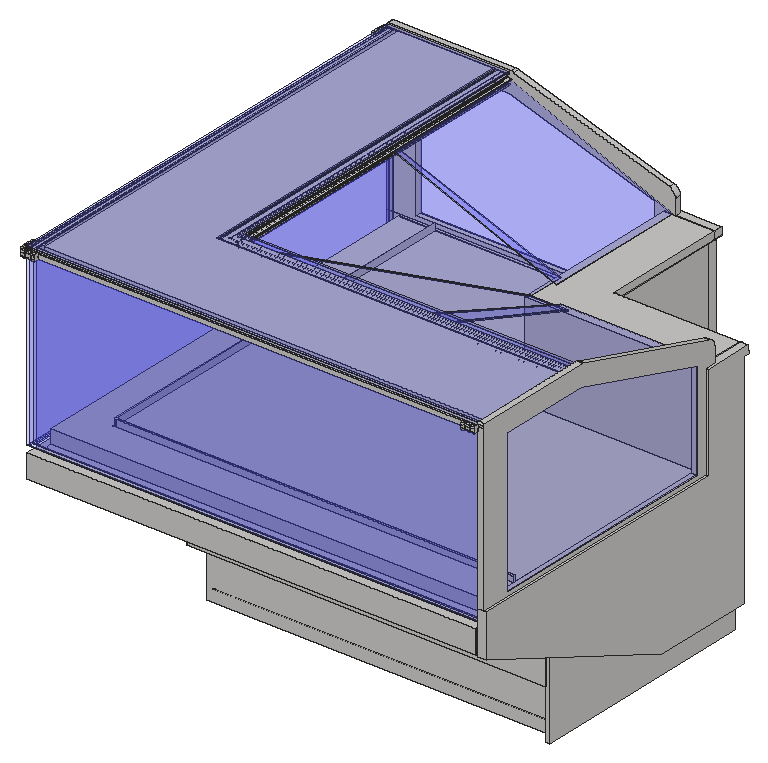
Revit family "QF_OSCARTEK_LA_CROSSE_DPA90_cat", category Specialty Equipment, Revit 2026
Family settings
  Round Connector Dimension = Use Diameter
  Part Type = Normal
  Work Plane-Based = No
  Enable Cutting in Views = No
  Always vertical = Yes
  Cut with Voids When Loaded = No
  Maintain Annotation Orientation = No
  Shared = No
  Room Calculation Point = No
Parameters
  Weight in Pounds = 749
  Watts = 1050 W
  Waste Water Discharge Temperature = -459.67 °F
  Volts = 208 V
  URL Cutsheet = ""
  Specification by User = ""
  Specification by Manufacturer = ""
  Show Panels [instance] = yes
  Show Clearance [instance] = yes
  Serial Number = ""
  Seismic Rating = ""
  SMACNA No = ""
  Revision Code = ""
  Refrigerant Volume = 0.00 kip
  Refrigerant Type = "R404A"
  Phase = 1
  Number of Poles = 1
  NAFEM Spec ID Number = ""
  Model = "LA CROSSE PDP90"
  Min Ckt Ampacity = 0 A
  Max Overcurrent Protection = 0 A
  Masterspec = ""
  Manufacturer = "OSCARTEK"
  Length = 64"
  Item Number = ""
  Installed By = ""
  Indirect Waste Size = 1/4"
  Indirect Waste Flow = 0 GPM
  Indirect Waste Connection Type = ""
  Indirect Waste Connection Height = 0"
  Identify Quantity as Lot = yes
  Height = 45 1/4"
  HP = ""
  Furnished By = ""
  Foodservice Equipment Identifier = yes
  FL Amps = 6 A
  Electrical Remarks = ""
  Electric Connection Type = ""
  Elec Conn RI Height = 0"
  Elec Conn Connection Height = 0"
  Description = "LA CROSSE DELI/PASTRY"
  Depth = 64"
  Default Elevation = 0"
  Cycle = 60 Hz
  Conn Plug = ""
  Conn Conduit = yes
  CSI MasterFormat = ""
  BTUH = 5200.0 Btu/h
  Apparent Power = 0 VA
Reference planes
  plane 1 "BACK": y = 0
  plane 2: z = 0
  plane 3 "LEFT": x = 0
  plane 4 "RIGHT": x = 1625.6
  plane 5 "FRONT": y = -1625.6
  plane 6 "TOP": z = 1149.35
  plane 7 "Center Y": x = 812.8
  plane 8 "Center X": y = -812.8
  plane 9: x = 1152.525
  plane 10: y = -473.075
Forms (mm)
  Extrusion 1, solid, material "QF_Metal - Stainless - Polished", not visible
    sketch origin (1216.025, -1701.823, 35.98) x (0, 0, 1) y (1, 0, 0)
      loop
        line (264.578, -978.937) -> (287.678, -978.937) -> (287.678, -926.051) -> (264.578, -926.051) -> (264.578, -978.937)
      loop
        line (287.678, -1029.024) -> (277.626, -1029.024) -> (277.626, -1042.42) -> (287.678, -1042.42) -> (287.678, -1029.024)
      loop
        line (287.678, -1013.528) -> (277.626, -1013.528) -> (277.626, -1026.924) -> (287.678, -1026.924) -> (287.678, -1013.528)
      loop
        line (287.678, -998.032) -> (277.626, -998.032) -> (277.626, -1011.428) -> (287.678, -1011.428) -> (287.678, -998.032)
      loop
        line (287.678, -982.536) -> (277.626, -982.536) -> (277.626, -995.932) -> (287.678, -995.932) -> (287.678, -982.536)
      loop
        line (274.629, -1029.024) -> (264.578, -1029.024) -> (264.578, -1042.42) -> (274.629, -1042.42) -> (274.629, -1029.024)
      loop
        line (274.629, -1013.528) -> (264.578, -1013.528) -> (264.578, -1026.924) -> (274.629, -1026.924) -> (274.629, -1013.528)
      loop
        line (274.629, -998.032) -> (264.578, -998.032) -> (264.578, -1011.428) -> (274.629, -1011.428) -> (274.629, -998.032)
      loop
        line (274.629, -982.536) -> (264.578, -982.536) -> (264.578, -995.932) -> (274.629, -995.932) -> (274.629, -982.536)
    from 0 to 3.175
  Extrusion 2, solid, material "QF_Metal - Stainless - Polished", not visible
    sketch origin (1161.181, 0, 0) x (0, 1, 0) y (0, 0, -1)
      loop
        line (-1152.525, -1121.767) -> (-1165.362, -1121.767)
        arc (-1165.362, -1121.767) -> (-1166.717, -1122.329) -> (-1167.279, -1123.684) r 1.917
        line (-1167.279, -1123.684) -> (-1167.279, -1137.357)
        arc (-1167.279, -1137.357) -> (-1166.86, -1139.156) -> (-1165.692, -1140.586) r 4.077
        arc (-1165.692, -1140.586) -> (-1162.665, -1142.211) -> (-1159.277, -1142.772) r 10.503
        line (-1159.277, -1142.772) -> (-1152.525, -1142.772) -> (-1152.525, -1121.767)
      loop
        circle (-1159.277, -1132.27) r 3.501
    from 21.855 to 35.579
  Extrusion 3, solid, material "QF_Metal - Stainless - Polished", not visible
    sketch origin (1146.441, 0, 0) x (0, 1, 0) y (0, 0, -1)
      loop
        line (-1152.525, -1121.767) -> (-1165.362, -1121.767)
        arc (-1165.362, -1121.767) -> (-1166.717, -1122.329) -> (-1167.279, -1123.684) r 1.917
        line (-1167.279, -1123.684) -> (-1167.279, -1137.357)
        arc (-1167.279, -1137.357) -> (-1166.86, -1139.156) -> (-1165.692, -1140.586) r 4.077
        arc (-1165.692, -1140.586) -> (-1162.665, -1142.211) -> (-1159.277, -1142.772) r 10.503
        line (-1159.277, -1142.772) -> (-1152.525, -1142.772) -> (-1152.525, -1121.767)
      loop
        circle (-1159.277, -1132.27) r 3.501
    from 21.855 to 40.153
  Extrusion 4, solid, material "QF_Metal - Stainless - Polished", not visible
    sketch origin (1069.693, 0, 0) x (0, 1, 0) y (0, 0, 1)
      loop
        line (-1152.525, 1121.767) -> (-1152.525, 1142.772) -> (-1159.277, 1142.772)
        arc (-1159.277, 1142.772) -> (-1162.665, 1142.211) -> (-1165.692, 1140.586) r 10.503
        arc (-1165.692, 1140.586) -> (-1166.86, 1139.156) -> (-1167.279, 1137.357) r 4.077
        line (-1167.279, 1137.357) -> (-1167.279, 1123.684)
        arc (-1167.279, 1123.684) -> (-1166.717, 1122.329) -> (-1165.362, 1121.767) r 1.917
        line (-1165.362, 1121.767) -> (-1152.525, 1121.767)
      loop
        circle (-1159.277, 1132.27) r 3.501
    from 21.855 to 35.579
  Extrusion 5, solid, material "QF_Metal - Stainless - Polished"
    sketch origin (1625.6, -473.075, 0) x (0, -1, 0) y (0, 0, 1)
      loop
        line (722.627, 1081.358) -> (212.829, 924.39)
        arc (212.829, 924.39) -> (210.278, 922.581) -> (209.3, 919.611) r 5.001
        line (209.3, 919.611) -> (209.3, 577.457) -> (1051.751, 577.457) -> (1051.751, 1081.358) -> (722.627, 1081.358)
      loop
        line (137.533, 953.603) -> (137.533, 900.113) -> (174.625, 900.113) -> (174.625, 565.139) -> (1152.525, 565.139) -> (1152.525, 1140.272) -> (1152.525, 1146.719)
        arc (1152.525, 1146.719) -> (1150.824, 1150.824) -> (1146.719, 1152.525) r 5.806
        line (1146.719, 1152.525) -> (714.718, 1152.525)
        arc (714.718, 1152.525) -> (709.934, 1152.167) -> (705.257, 1151.101) r 32.151
        line (705.257, 1151.101) -> (159.224, 982.977)
        arc (159.224, 982.977) -> (143.543, 971.86) -> (137.533, 953.603) r 30.735
    from 9.525 to 30.149
  Extrusion 6, solid, material "QF_Metal - Stainless - Polished", visible <- "Show Panels"
    sketch origin (1625.6, -473.075, 0) x (0, -1, 0) y (0, 0, 1)
      loop
        line (174.625, 900.112) -> (0.794, 900.112)
        arc (0.794, 900.112) -> (0.233, 899.88) -> (0, 899.318) r 0.794
        line (0, 899.318) -> (0, 872.711)
        arc (0, 872.711) -> (0.294, 872.002) -> (1.003, 871.708) r 1.003
        line (1.003, 871.708) -> (20.005, 871.708) -> (20.005, 92.046) -> (379.464, 92.046) -> (1152.525, 413.84) -> (1152.525, 565.139) -> (174.625, 565.139) -> (174.625, 900.112)
    from 0 to 30.149
  Extrusion 7, solid, material "Glass"
    sketch origin (1616.075, -473.075, 0) x (0, 1, 0) y (0, 0, 1)
      loop
        line (-1051.751, 1081.358) -> (-1051.751, 577.457) -> (-209.3, 577.457) -> (-209.3, 919.611)
        arc (-209.3, 919.611) -> (-210.278, 922.581) -> (-212.829, 924.39) r 5.001
        line (-212.829, 924.39) -> (-722.627, 1081.358) -> (-1051.751, 1081.358)
    from 0 to -3.175
  Extrusion 8, solid, material "Glass"
    sketch origin (415.925, -473.075, 0) x (0, 1, 0) y (0, 0, 1)
      loop
        line (-146.656, 900.215) -> (-145.212, 903.947) -> (-727.311, 1129.509) -> (-728.676, 1125.746) -> (-146.656, 900.215)
    from 666.763 to 1179.526
  Revolve 9, solid, material "QF_Metal - Stainless - Polished"
    sketch origin (507.206, -473.075, 0) x (0, 1, 0) y (0, 0, 1)
      loop
        line (-783.187, 0) -> (-765.183, 0) -> (-765.183, 50) -> (-769.203, 50) -> (-770.184, 48.6) -> (-771.184, 47.599) -> (-771.184, 37.082)
        spline (-771.184, 37.082) -> (-771.65, 37.047) -> (-772.085, 36.943) -> (-772.458, 36.777) -> (-772.745, 36.561) -> (-772.925, 36.309) -> (-772.986, 36.039) -> (-772.925, 35.769) -> (-772.745, 35.518) -> (-772.458, 35.302) -> (-772.085, 35.136) -> (-771.65, 35.032) -> (-771.184, 34.996)
        line (-771.184, 34.996) -> (-772.184, 34.996) -> (-772.184, 32.196) -> (-770.184, 32.196) -> (-770.184, 10.002) -> (-774.685, 10.002) -> (-774.685, 5.743) -> (-788.72, 5.743) -> (-789.938, 3.001) -> (-783.187, 0)
      axis (-765.183, 50) -> (-765.183, 0)
    angle from 0 to 360
  Revolve 10, solid, material "QF_Metal - Stainless - Polished"
    sketch origin (1534.319, -473.075, 0) x (0, 1, 0) y (0, 0, -1)
      loop
        line (-783.187, 0) -> (-789.938, -3.001) -> (-788.72, -5.743) -> (-774.685, -5.743) -> (-774.685, -10.002) -> (-770.184, -10.002) -> (-770.184, -32.196) -> (-772.184, -32.196) -> (-772.184, -34.996) -> (-771.184, -34.996)
        spline (-771.184, -34.996) -> (-771.65, -35.032) -> (-772.085, -35.136) -> (-772.458, -35.302) -> (-772.745, -35.518) -> (-772.925, -35.769) -> (-772.986, -36.039) -> (-772.925, -36.309) -> (-772.745, -36.561) -> (-772.458, -36.777) -> (-772.085, -36.943) -> (-771.65, -37.047) -> (-771.184, -37.082)
        line (-771.184, -37.082) -> (-771.184, -47.599) -> (-770.184, -48.6) -> (-769.203, -50) -> (-765.183, -50) -> (-765.183, 0) -> (-783.187, 0)
      axis (-765.183, -50) -> (-765.183, 0)
    angle from 0 to 360
  Revolve 11, solid, material "QF_Metal - Stainless - Polished"
    sketch origin (1534.319, 200.49, 0) x (0, 1, 0) y (0, 0, -1)
      loop
        line (-783.187, 0) -> (-789.938, -3.001) -> (-788.72, -5.743) -> (-774.685, -5.743) -> (-774.685, -10.002) -> (-770.184, -10.002) -> (-770.184, -32.196) -> (-772.184, -32.196) -> (-772.184, -34.996) -> (-771.184, -34.996)
        spline (-771.184, -34.996) -> (-771.65, -35.032) -> (-772.085, -35.136) -> (-772.458, -35.302) -> (-772.745, -35.518) -> (-772.925, -35.769) -> (-772.986, -36.039) -> (-772.925, -36.309) -> (-772.745, -36.561) -> (-772.458, -36.777) -> (-772.085, -36.943) -> (-771.65, -37.047) -> (-771.184, -37.082)
        line (-771.184, -37.082) -> (-771.184, -47.599) -> (-770.184, -48.6) -> (-769.203, -50) -> (-765.183, -50) -> (-765.183, 0) -> (-783.187, 0)
      axis (-765.183, -50) -> (-765.183, 0)
    angle from 0 to 360
  Extrusion 12, solid, material "QF_Metal - Stainless - Polished"
    sketch origin (1631.95, -474.671, 0) x (0, 1, 0) y (0, 0, -1)
      loop
        line (-76.218, -144.006) -> (-76.218, -380.805) -> (-69.217, -381.789) -> (-69.217, -145.026)
        arc (-69.217, -145.026) -> (-69.515, -144.305) -> (-70.236, -144.006) r 1.02
        line (-70.236, -144.006) -> (-76.218, -144.006)
    from 789.288 to 1173.176
  Extrusion 13, solid, material "QF_Metal - Stainless - Polished"
    sketch origin (1081.588, -1251.957, 35.98) x (0, 0, 1) y (0, -1, 0)
      loop
        line (264.578, -978.937) -> (287.678, -978.937) -> (287.678, -926.051) -> (264.578, -926.051) -> (264.578, -978.937)
      loop
        line (287.678, -1029.024) -> (277.626, -1029.024) -> (277.626, -1042.42) -> (287.678, -1042.42) -> (287.678, -1029.024)
      loop
        line (287.678, -1013.528) -> (277.626, -1013.528) -> (277.626, -1026.924) -> (287.678, -1026.924) -> (287.678, -1013.528)
      loop
        line (287.678, -998.032) -> (277.626, -998.032) -> (277.626, -1011.428) -> (287.678, -1011.428) -> (287.678, -998.032)
      loop
        line (287.678, -982.536) -> (277.626, -982.536) -> (277.626, -995.932) -> (287.678, -995.932) -> (287.678, -982.536)
      loop
        line (274.629, -1029.024) -> (264.578, -1029.024) -> (264.578, -1042.42) -> (274.629, -1042.42) -> (274.629, -1029.024)
      loop
        line (274.629, -1013.528) -> (264.578, -1013.528) -> (264.578, -1026.924) -> (274.629, -1026.924) -> (274.629, -1013.528)
      loop
        line (274.629, -998.032) -> (264.578, -998.032) -> (264.578, -1011.428) -> (274.629, -1011.428) -> (274.629, -998.032)
      loop
        line (274.629, -982.536) -> (264.578, -982.536) -> (264.578, -995.932) -> (274.629, -995.932) -> (274.629, -982.536)
    from 0 to 3.175
  Extrusion 14, solid, material "QF_Metal - Stainless - Polished"
    sketch origin (1617.306, -473.075, 0) x (0, 1, 0) y (0, 0, -1)
      loop
        line (-1152.525, -1121.767) -> (-1165.362, -1121.767)
        arc (-1165.362, -1121.767) -> (-1166.717, -1122.329) -> (-1167.279, -1123.684) r 1.917
        line (-1167.279, -1123.684) -> (-1167.279, -1137.357)
        arc (-1167.279, -1137.357) -> (-1166.86, -1139.156) -> (-1165.692, -1140.586) r 4.077
        arc (-1165.692, -1140.586) -> (-1162.665, -1142.211) -> (-1159.277, -1142.772) r 10.503
        line (-1159.277, -1142.772) -> (-1152.525, -1142.772) -> (-1152.525, -1121.767)
      loop
        circle (-1159.277, -1132.27) r 3.501
    from 21.855 to 35.579
  Extrusion 15, solid, material "QF_Metal - Stainless - Polished"
    sketch origin (1602.566, -473.075, 0) x (0, 1, 0) y (0, 0, -1)
      loop
        line (-1152.525, -1121.767) -> (-1165.362, -1121.767)
        arc (-1165.362, -1121.767) -> (-1166.717, -1122.329) -> (-1167.279, -1123.684) r 1.917
        line (-1167.279, -1123.684) -> (-1167.279, -1137.357)
        arc (-1167.279, -1137.357) -> (-1166.86, -1139.156) -> (-1165.692, -1140.586) r 4.077
        arc (-1165.692, -1140.586) -> (-1162.665, -1142.211) -> (-1159.277, -1142.772) r 10.503
        line (-1159.277, -1142.772) -> (-1152.525, -1142.772) -> (-1152.525, -1121.767)
      loop
        circle (-1159.277, -1132.27) r 3.501
    from 21.855 to 40.153
  Extrusion 16, solid, material "QF_Metal - Stainless - Polished"
    sketch origin (1525.818, -473.075, 0) x (0, 1, 0) y (0, 0, 1)
      loop
        line (-1152.525, 1121.767) -> (-1152.525, 1142.772) -> (-1159.277, 1142.772)
        arc (-1159.277, 1142.772) -> (-1162.665, 1142.211) -> (-1165.692, 1140.586) r 10.503
        arc (-1165.692, 1140.586) -> (-1166.86, 1139.156) -> (-1167.279, 1137.357) r 4.077
        line (-1167.279, 1137.357) -> (-1167.279, 1123.684)
        arc (-1167.279, 1123.684) -> (-1166.717, 1122.329) -> (-1165.362, 1121.767) r 1.917
        line (-1165.362, 1121.767) -> (-1152.525, 1121.767)
      loop
        circle (-1159.277, 1132.27) r 3.501
    from 21.855 to 35.579
  Extrusion 17, solid, material "QF_Metal - Stainless - Polished"
    sketch origin (-21.855, -473.075, 0) x (0, 1, 0) y (0, 0, 1)
      loop
        line (-1152.525, 1121.767) -> (-1152.525, 1142.772) -> (-1159.277, 1142.772)
        arc (-1159.277, 1142.772) -> (-1162.665, 1142.211) -> (-1165.692, 1140.586) r 10.503
        arc (-1165.692, 1140.586) -> (-1166.86, 1139.156) -> (-1167.279, 1137.357) r 4.077
        line (-1167.279, 1137.357) -> (-1167.279, 1123.684)
        arc (-1167.279, 1123.684) -> (-1166.717, 1122.329) -> (-1165.362, 1121.767) r 1.917
        line (-1165.362, 1121.767) -> (-1152.525, 1121.767)
      loop
        circle (-1159.277, 1132.27) r 3.501
    from 21.855 to 35.579
  Extrusion 18, solid, material "QF_Metal - Stainless - Polished"
    sketch origin (-7.116, -473.075, 0) x (0, 1, 0) y (0, 0, 1)
      loop
        line (-1152.525, 1121.767) -> (-1152.525, 1142.772) -> (-1159.277, 1142.772)
        arc (-1159.277, 1142.772) -> (-1162.665, 1142.211) -> (-1165.692, 1140.586) r 10.503
        arc (-1165.692, 1140.586) -> (-1166.86, 1139.156) -> (-1167.279, 1137.357) r 4.077
        line (-1167.279, 1137.357) -> (-1167.279, 1123.684)
        arc (-1167.279, 1123.684) -> (-1166.717, 1122.329) -> (-1165.362, 1121.767) r 1.917
        line (-1165.362, 1121.767) -> (-1152.525, 1121.767)
      loop
        circle (-1159.277, 1132.27) r 3.501
    from 21.855 to 40.153
  Extrusion 19, solid, material "QF_Metal - Stainless - Polished"
    sketch origin (69.633, -473.075, 0) x (0, 1, 0) y (0, 0, -1)
      loop
        line (-1152.525, -1121.767) -> (-1165.362, -1121.767)
        arc (-1165.362, -1121.767) -> (-1166.717, -1122.329) -> (-1167.279, -1123.684) r 1.917
        line (-1167.279, -1123.684) -> (-1167.279, -1137.357)
        arc (-1167.279, -1137.357) -> (-1166.86, -1139.156) -> (-1165.692, -1140.586) r 4.077
        arc (-1165.692, -1140.586) -> (-1162.665, -1142.211) -> (-1159.277, -1142.772) r 10.503
        line (-1159.277, -1142.772) -> (-1152.525, -1142.772) -> (-1152.525, -1121.767)
      loop
        circle (-1159.277, -1132.27) r 3.501
    from 21.855 to 35.579
  Extrusion 20, solid, material "QF_Door-Drawer Clearances", visible <- "Show Clearance", detail levels coarse
    sketch origin (415.925, -473.075, 0) x (0, 1, 0) y (0, 0, 1)
      loop
        arc (-1528.456, 1636.883) -> (-1753.47, 936.296) -> (-1147.774, 518.462) r 617.032
        line (-1147.774, 518.462) -> (-1147.774, 1137.771) -> (-1178.974, 1137.771) -> (-1528.456, 1636.883)
    from -415.925 to 1179.526
  Extrusion 21, solid, material "QF_Metal - Stainless - Polished"
    sketch origin (1595.451, -473.075, 0) x (0, -1, 0) y (0, 0, 1)
      loop
        line (1147.274, 411.654) -> (1147.274, 495.3) -> (1114.743, 495.3) -> (1100.673, 519.671) -> (1100.673, 565.139) -> (174.625, 565.139) -> (174.625, 367.181) -> (20.005, 388.938) -> (20.005, 0) -> (835.901, 0) -> (835.901, 282.042) -> (1147.274, 411.654)
    from 0 to 12.7
  Extrusion 22, solid, material "QF_Metal - Stainless - Polished"
    sketch origin (415.925, -583.101, 32.996) x (-1, 0, 0) y (0, 1, 0)
      loop
        circle (-1054.717, -512.012) r 16.496
      loop
        circle (-1115.052, -588.846) r 17.484
      loop
        circle (-1068.743, -588.846) r 15.218
      loop
        circle (-114.953, 428.24) r 16.485
    from 0 to 3.175
  Extrusion 23, solid, material "QF_Metal - Stainless - Polished"
    sketch origin (415.925, -543.887, 143.006) x (0, 0, -1) y (-1, 0, 0)
      loop
        circle (56.491, -234.793) r 6.35
    from 0 to 3.175
  Sweep 24, solid, material "QF_Metal - Stainless - Polished"
    path origin (0, 0, 0) x (1, 0, 0) y (0, 1, 0)
      loop
        line (992.188, -30.162) -> (992.187, -633.288) -> (1595.451, -633.288)
    profile origin (1293.819, -633.288, 0) x (0, 1, 0) y (0, 0, 1)
      loop
        line (-14.412, 900.113) -> (-14.412, 367.181) -> (140.208, 388.938) -> (140.208, 871.708) -> (159.21, 871.708)
        arc (159.21, 871.708) -> (159.919, 872.002) -> (160.213, 872.711) r 1.003
        line (160.213, 872.711) -> (160.213, 899.318)
        arc (160.213, 899.318) -> (159.98, 899.88) -> (159.418, 900.113) r 0.794
        line (159.418, 900.113) -> (-14.412, 900.113)
  Extrusion 25, solid, material "QF_Metal - Stainless - Polished"
    sketch origin (1152.525, -8.294, 0) x (1, 0, 0) y (0, 0, 1)
      loop
        line (-1152.525, 1121.767) -> (-1152.525, 1142.772) -> (-1159.277, 1142.772)
        arc (-1159.277, 1142.772) -> (-1162.665, 1142.211) -> (-1165.692, 1140.586) r 10.503
        arc (-1165.692, 1140.586) -> (-1166.86, 1139.156) -> (-1167.279, 1137.357) r 4.077
        line (-1167.279, 1137.357) -> (-1167.279, 1123.684)
        arc (-1167.279, 1123.684) -> (-1166.717, 1122.329) -> (-1165.362, 1121.767) r 1.917
        line (-1165.362, 1121.767) -> (-1152.525, 1121.767)
      loop
        circle (-1159.277, 1132.27) r 3.501
    from 21.855 to 35.579
  Extrusion 26, solid, material "QF_Metal - Stainless - Polished"
    sketch origin (1152.525, -23.034, 0) x (1, 0, 0) y (0, 0, 1)
      loop
        line (-1152.525, 1121.767) -> (-1152.525, 1142.772) -> (-1159.277, 1142.772)
        arc (-1159.277, 1142.772) -> (-1162.665, 1142.211) -> (-1165.692, 1140.586) r 10.503
        arc (-1165.692, 1140.586) -> (-1166.86, 1139.156) -> (-1167.279, 1137.357) r 4.077
        line (-1167.279, 1137.357) -> (-1167.279, 1123.684)
        arc (-1167.279, 1123.684) -> (-1166.717, 1122.329) -> (-1165.362, 1121.767) r 1.917
        line (-1165.362, 1121.767) -> (-1152.525, 1121.767)
      loop
        circle (-1159.277, 1132.27) r 3.501
    from 21.855 to 40.153
  Extrusion 27, solid, material "QF_Metal - Stainless - Polished"
    sketch origin (1152.525, -99.782, 0) x (1, 0, 0) y (0, 0, -1)
      loop
        line (-1152.525, -1121.767) -> (-1165.362, -1121.767)
        arc (-1165.362, -1121.767) -> (-1166.717, -1122.329) -> (-1167.279, -1123.684) r 1.917
        line (-1167.279, -1123.684) -> (-1167.279, -1137.357)
        arc (-1167.279, -1137.357) -> (-1166.86, -1139.156) -> (-1165.692, -1140.586) r 4.077
        arc (-1165.692, -1140.586) -> (-1162.665, -1142.211) -> (-1159.277, -1142.772) r 10.503
        line (-1159.277, -1142.772) -> (-1152.525, -1142.772) -> (-1152.525, -1121.767)
      loop
        circle (-1159.277, -1132.27) r 3.501
    from 21.855 to 35.579
  Extrusion 28, solid, material "QF_Metal - Stainless - Polished"
    sketch origin (1152.525, 0, 0) x (-1, 0, 0) y (0, 0, -1)
      loop
        line (722.627, -1081.358) -> (1051.751, -1081.358) -> (1051.751, -577.457) -> (209.3, -577.457) -> (209.3, -919.611)
        arc (209.3, -919.611) -> (210.278, -922.581) -> (212.829, -924.39) r 5.001
        line (212.829, -924.39) -> (722.627, -1081.358)
      loop
        arc (137.533, -953.603) -> (143.543, -971.86) -> (159.224, -982.977) r 30.735
        line (159.224, -982.977) -> (705.257, -1151.101)
        arc (705.257, -1151.101) -> (709.934, -1152.167) -> (714.718, -1152.525) r 32.151
        line (714.718, -1152.525) -> (1146.719, -1152.525)
        arc (1146.719, -1152.525) -> (1150.824, -1150.824) -> (1152.525, -1146.719) r 5.806
        line (1152.525, -1146.719) -> (1152.525, -1140.272) -> (1152.525, -565.139) -> (174.625, -565.139) -> (174.625, -900.113) -> (137.533, -900.113) -> (137.533, -953.603)
    from 9.525 to 30.149
  Extrusion 29, solid, material "QF_Metal - Stainless - Polished", visible <- "Show Panels"
    sketch origin (1152.525, 0, 0) x (-1, 0, 0) y (0, 0, -1)
      loop
        line (174.625, -900.112) -> (174.625, -565.139) -> (1152.525, -565.139) -> (1152.525, -413.84) -> (379.464, -92.046) -> (20.005, -92.046) -> (20.005, -871.708) -> (1.003, -871.708)
        arc (1.003, -871.708) -> (0.294, -872.002) -> (0, -872.711) r 1.003
        line (0, -872.711) -> (0, -899.318)
        arc (0, -899.318) -> (0.233, -899.88) -> (0.794, -900.112) r 0.794
        line (0.794, -900.112) -> (174.625, -900.112)
    from 0 to 30.149
  Extrusion 30, solid, material "Glass"
    sketch origin (1152.525, -9.525, 0) x (1, 0, 0) y (0, 0, -1)
      loop
        line (-1051.751, -1081.358) -> (-722.627, -1081.358) -> (-212.829, -924.39)
        arc (-212.829, -924.39) -> (-210.278, -922.581) -> (-209.3, -919.611) r 5.001
        line (-209.3, -919.611) -> (-209.3, -577.457) -> (-1051.751, -577.457) -> (-1051.751, -1081.358)
    from 0 to -3.175
  Extrusion 31, solid, material "QF_Metal - Stainless - Polished"
    sketch origin (1152.525, -30.149, 0) x (-1, 0, 0) y (0, 0, -1)
      loop
        line (1147.274, -411.654) -> (835.901, -282.042) -> (835.901, 0) -> (20.005, 0) -> (20.005, -388.938) -> (174.625, -367.181) -> (174.625, -565.139) -> (1100.673, -565.139) -> (1100.673, -519.671) -> (1114.743, -495.3) -> (1147.274, -495.3) -> (1147.274, -411.654)
    from 0 to 12.7
  Sweep 32, solid, material "QF_Metal - Stainless - Polished"
    path origin (0, 0, 0) x (1, 0, 0) y (0, 1, 0)
      loop
        line (992.188, -30.162) -> (992.187, -633.288) -> (1595.451, -633.288)
    profile origin (1293.819, -633.288, 0) x (0, 1, 0) y (0, 0, 1)
      loop
        line (-599.77, 1114.74) -> (-591.8, 1114.74) -> (-591.8, 1109.208)
        arc (-591.8, 1109.208) -> (-587.496, 1104.478) -> (-582.382, 1108.317) r 4.751
        arc (-582.382, 1108.317) -> (-583.083, 1109.467) -> (-584.297, 1108.882) r 1.003
        arc (-584.297, 1108.882) -> (-587.222, 1106.497) -> (-589.799, 1109.255) r 2.764
        line (-589.799, 1109.255) -> (-589.799, 1124.395) -> (-583.629, 1124.395)
        arc (-583.629, 1124.395) -> (-578.741, 1121.628) -> (-574.63, 1125.455) r 4.751
        arc (-574.63, 1125.455) -> (-575.331, 1126.606) -> (-576.545, 1126.021) r 1.003
        arc (-576.545, 1126.021) -> (-579.471, 1123.635) -> (-582.048, 1126.395) r 2.764
        line (-582.048, 1126.395) -> (-589.299, 1126.395)
        arc (-589.299, 1126.395) -> (-589.653, 1126.541) -> (-589.8, 1126.895) r 0.501
        line (-589.8, 1126.895) -> (-589.8, 1137.02)
        arc (-589.8, 1137.02) -> (-589.507, 1137.728) -> (-588.799, 1138.021) r 1
        line (-588.799, 1138.021) -> (-574.617, 1138.021) -> (-574.617, 1140.272) -> (-615.973, 1140.272) -> (-615.973, 1107.708) -> (-613.972, 1107.708) -> (-613.972, 1111.313) -> (-611.222, 1111.313) -> (-611.222, 1112.813) -> (-613.722, 1112.813) -> (-613.722, 1114.814) -> (-601.719, 1114.814) -> (-601.719, 1112.813) -> (-604.22, 1112.813) -> (-604.22, 1111.313) -> (-600.344, 1111.313)
        arc (-600.344, 1111.313) -> (-599.496, 1112.025) -> (-599.896, 1113.057) r 0.951
        arc (-599.896, 1113.057) -> (-600.344, 1113.936) -> (-599.77, 1114.74) r 0.951
      loop
        arc (-613.722, 1117.564) -> (-613.576, 1117.211) -> (-613.222, 1117.064) r 0.5
        line (-613.222, 1117.064) -> (-599.295, 1117.064)
        arc (-599.295, 1117.064) -> (-598.889, 1117.308) -> (-598.843, 1117.779) r 0.527
        arc (-598.843, 1117.779) -> (-599.144, 1118.762) -> (-599.301, 1119.778) r 7.214
        arc (-599.301, 1119.778) -> (-598.31, 1120.864) -> (-597.301, 1119.793) r 1.003
        arc (-597.301, 1119.793) -> (-592.605, 1117.87) -> (-594.529, 1122.566) r 2.751
        arc (-594.529, 1122.566) -> (-595.521, 1123.574) -> (-594.513, 1124.566) r 1
        arc (-594.513, 1124.566) -> (-593.489, 1124.446) -> (-592.514, 1124.108) r 4.751
        arc (-592.514, 1124.108) -> (-592.033, 1124.137) -> (-591.8, 1124.56) r 0.5
        line (-591.8, 1124.56) -> (-591.8, 1137.521)
        arc (-591.8, 1137.521) -> (-591.946, 1137.875) -> (-592.3, 1138.021) r 0.5
        line (-592.3, 1138.021) -> (-608.273, 1138.021) -> (-608.273, 1136.723)
        arc (-608.273, 1136.723) -> (-609.153, 1135.616) -> (-610.26, 1136.497) r 1
        arc (-610.26, 1136.497) -> (-613.237, 1137.536) -> (-612.198, 1134.56) r 1.75
        arc (-612.198, 1134.56) -> (-611.317, 1133.453) -> (-612.424, 1132.572) r 1
        line (-612.424, 1132.572) -> (-613.722, 1132.572) -> (-613.722, 1117.564)
  Sweep 33, solid, material "QF_Metal - Stainless - Polished"
    path origin (0, 0, 0) x (1, 0, 0) y (0, 1, 0)
      loop
        line (992.188, -30.162) -> (992.187, -633.288) -> (1595.451, -633.288)
    profile origin (1293.819, -633.288, 0) x (0, 1, 0) y (0, 0, 1)
      loop
        arc (-570.899, 1129.855) -> (-571.818, 1127.392) -> (-571.362, 1124.804) r 5.001
        arc (-571.362, 1124.804) -> (-570.821, 1124.11) -> (-570.034, 1123.716) r 2
        line (-570.034, 1123.716) -> (-556.173, 1120.001) -> (-555.86, 1120.862) -> (-568.464, 1125.746) -> (-567.098, 1129.509) -> (-554.494, 1124.625) -> (-554.122, 1125.65)
        arc (-554.122, 1125.65) -> (-554.156, 1126.415) -> (-554.721, 1126.932) r 1
        line (-554.721, 1126.932) -> (-574.936, 1134.269)
        arc (-574.936, 1134.269) -> (-580.283, 1132.996) -> (-581.232, 1127.582) r 5.001
        arc (-581.232, 1127.582) -> (-581.039, 1126.843) -> (-581.078, 1126.08) r 2.501
        arc (-581.078, 1126.08) -> (-577.894, 1124.093) -> (-579.024, 1127.672) r 2
        arc (-579.024, 1127.672) -> (-579.562, 1127.861) -> (-579.91, 1128.312) r 1
        arc (-579.91, 1128.312) -> (-579.141, 1132.02) -> (-575.448, 1132.859) r 3.501
        line (-575.448, 1132.859) -> (-571.37, 1131.379)
        arc (-571.37, 1131.379) -> (-570.756, 1130.734) -> (-570.899, 1129.855) r 1
      loop
        line (-562.455, 1110.048) -> (-582.67, 1117.385)
        arc (-582.67, 1117.385) -> (-588.018, 1116.112) -> (-588.966, 1110.698) r 5.001
        arc (-588.966, 1110.698) -> (-588.773, 1109.959) -> (-588.813, 1109.197) r 2.501
        arc (-588.813, 1109.197) -> (-585.629, 1107.209) -> (-586.758, 1110.788) r 2
        arc (-586.758, 1110.788) -> (-587.297, 1110.977) -> (-587.644, 1111.429) r 1
        arc (-587.644, 1111.429) -> (-586.875, 1115.137) -> (-583.182, 1115.975) r 3.501
        line (-583.182, 1115.975) -> (-579.104, 1114.495)
        arc (-579.104, 1114.495) -> (-578.49, 1113.85) -> (-578.633, 1112.971) r 1
        arc (-578.633, 1112.971) -> (-579.552, 1110.509) -> (-579.096, 1107.921) r 5.001
        arc (-579.096, 1107.921) -> (-578.555, 1107.227) -> (-577.769, 1106.832) r 2
        line (-577.769, 1106.832) -> (-563.817, 1103.366) -> (-563.495, 1104.253) -> (-576.197, 1108.864) -> (-574.832, 1112.625) -> (-562.129, 1108.014) -> (-561.856, 1108.766)
        arc (-561.856, 1108.766) -> (-561.89, 1109.531) -> (-562.455, 1110.048) r 1
  Sweep 34, solid, material "Glass"
    path origin (0, 0, 0) x (1, 0, 0) y (0, 1, 0)
      loop
        line (992.188, -30.162) -> (992.187, -633.288) -> (1595.451, -633.288)
    profile origin (1293.819, -633.288, 0) x (0, 1, 0) y (0, 0, 1)
      loop
        line (-989.062, 1149.35) -> (-989.062, 1140.272) -> (-558.959, 1140.272) -> (-558.959, 1149.35) -> (-989.062, 1149.35)
  Sweep 35, solid, material "QF_Metal - Stainless - Polished"
    path origin (0, 0, 0) x (1, 0, 0) y (0, 1, 0)
      loop
        line (992.188, -30.162) -> (992.187, -633.288) -> (1595.451, -633.288)
    profile origin (1293.819, -633.288, 0) x (0, 1, 0) y (0, 0, 1)
      loop
        line (-952.053, 1140.272) -> (-952.053, 1124.268) -> (-926.047, 1124.268) -> (-926.047, 1100.762) -> (-896.04, 1100.762) -> (-896.04, 1090.26) -> (-633.421, 1090.26) -> (-615.973, 1107.708) -> (-615.973, 1140.272) -> (-952.053, 1140.272)
  Sweep 36, solid, material "QF_Metal - Stainless - Polished"
    path origin (0.125, 0, 0) x (1, 0, 0) y (0, 1, 0)
      loop
        line (992.188, -30.162) -> (992.187, -633.288) -> (1595.451, -633.288)
    profile origin (1293.944, -633.288, 0) x (0, 1, 0) y (0, 0, 1)
      loop
        arc (-991.412, 1138.471) -> (-992.049, 1138.208) -> (-992.312, 1137.571) r 0.9
        line (-992.312, 1137.571) -> (-992.312, 1123.768) -> (-987.561, 1123.768) -> (-987.561, 1137.771) -> (-967.557, 1137.771) -> (-967.557, 1123.768) -> (-966.756, 1123.768) -> (-966.756, 1137.571)
        arc (-966.756, 1137.571) -> (-967.023, 1138.205) -> (-967.657, 1138.471) r 0.912
        line (-967.657, 1138.471) -> (-991.412, 1138.471)
  Sweep 37, solid, material "Glass"
    path origin (0, 0, 0) x (1, 0, 0) y (0, 1, 0)
      loop
        line (992.188, -30.162) -> (992.187, -633.288) -> (1595.451, -633.288)
    profile origin (1293.819, -633.288, 0) x (0, 1, 0) y (0, 0, 1)
      loop
        line (-967.557, 1137.771) -> (-973.558, 1137.771) -> (-973.558, 517.623) -> (-967.557, 517.623) -> (-967.557, 1137.771)
      loop
        line (-987.561, 517.623) -> (-981.56, 517.623) -> (-981.56, 1137.771) -> (-987.561, 1137.771) -> (-987.561, 517.623)
  Sweep 38, solid, material "QF_Metal - Stainless - Polished"
    path origin (0, 0, 0) x (1, 0, 0) y (0, 1, 0)
      loop
        line (992.188, -42.849) -> (992.187, -633.288) -> (1582.751, -633.288)
    profile origin (1287.469, -633.288, 0) x (0, 1, 0) y (0, 0, 1)
      loop
        line (-624.975, 281.389) -> (-624.975, 53.001) -> (-584.965, 53.001) -> (-584.965, 32.996) -> (48.59, 32.996) -> (48.59, 50)
        arc (48.59, 50) -> (49.469, 52.122) -> (51.591, 53.001) r 3.001
        line (51.591, 53.001) -> (82.399, 53.001) -> (82.399, 380.804) -> (-624.975, 281.389)
  Sweep 39, solid, material "QF_Metal - Stainless - Polished"
    path origin (0, 0, 0) x (1, 0, 0) y (0, 1, 0)
      loop
        line (992.188, -42.849) -> (992.187, -633.288) -> (1582.751, -633.288)
    profile origin (1287.469, -633.288, 0) x (0, 1, 0) y (0, 0, 1)
      loop
        line (-626.427, 281.067) -> (-14.412, 367.181) -> (-14.412, 565.139) -> (-812.925, 565.139) -> (-812.925, 587.364)
        arc (-812.925, 587.364) -> (-814.512, 588.952) -> (-816.1, 587.364) r 1.588
        line (-816.1, 587.364) -> (-816.1, 565.139) -> (-816.1, 546.089) -> (-819.275, 546.089) -> (-819.275, 565.139) -> (-940.46, 565.139) -> (-940.46, 519.671) -> (-954.531, 495.3) -> (-987.061, 495.3) -> (-987.061, 411.654) -> (-675.689, 282.042) -> (-675.689, 176.213) -> (-660.685, 176.213) -> (-660.685, 186.215) -> (-661.495, 186.215) -> (-661.495, 176.913) -> (-674.895, 176.913) -> (-674.895, 282.47) -> (-892.879, 373.208) -> (-885.464, 391.022) -> (-626.427, 281.067)
  Sweep 40, solid, material "QF_Metal - Stainless - Polished"
    path origin (0, 0, 0) x (1, 0, 0) y (0, 1, 0)
      loop
        line (992.188, -42.849) -> (992.187, -633.288) -> (1582.751, -633.288)
    profile origin (1287.469, -633.288, 0) x (0, 1, 0) y (0, 0, 1)
      loop
        arc (51.591, 53.001) -> (49.469, 52.122) -> (48.59, 50) r 3.001
        line (48.59, 50) -> (48.59, 35.997)
        arc (48.59, 35.997) -> (49.469, 33.875) -> (51.591, 32.996) r 3.001
        line (51.591, 32.996) -> (85.599, 32.996)
        arc (85.599, 32.996) -> (87.721, 33.875) -> (88.6, 35.997) r 3.001
        line (88.6, 35.997) -> (88.6, 50)
        arc (88.6, 50) -> (87.721, 52.122) -> (85.599, 53.001) r 3.001
        line (85.599, 53.001) -> (51.591, 53.001)
      loop
        line (85.599, 51) -> (51.591, 51)
        arc (51.591, 51) -> (50.884, 50.707) -> (50.591, 50) r 1
        line (50.591, 50) -> (50.591, 35.997)
        arc (50.591, 35.997) -> (50.884, 35.289) -> (51.591, 34.996) r 1
        line (51.591, 34.996) -> (85.599, 34.996)
        arc (85.599, 34.996) -> (86.307, 35.289) -> (86.6, 35.997) r 1
        line (86.6, 35.997) -> (86.6, 50)
        arc (86.6, 50) -> (86.307, 50.707) -> (85.599, 51) r 1
      loop
        line (-621.974, 34.996) -> (-587.966, 34.996)
        arc (-587.966, 34.996) -> (-587.259, 35.289) -> (-586.966, 35.997) r 1
        line (-586.966, 35.997) -> (-586.966, 50)
        arc (-586.966, 50) -> (-587.259, 50.707) -> (-587.966, 51) r 1
        line (-587.966, 51) -> (-621.974, 51)
        arc (-621.974, 51) -> (-622.681, 50.707) -> (-622.974, 50) r 1
        line (-622.974, 50) -> (-622.974, 35.997)
        arc (-622.974, 35.997) -> (-622.681, 35.289) -> (-621.974, 34.996) r 1
      loop
        arc (-587.966, 32.996) -> (-585.844, 33.875) -> (-584.965, 35.997) r 3.001
        line (-584.965, 35.997) -> (-584.965, 50)
        arc (-584.965, 50) -> (-585.844, 52.122) -> (-587.966, 53.001) r 3.001
        line (-587.966, 53.001) -> (-621.974, 53.001)
        arc (-621.974, 53.001) -> (-624.096, 52.122) -> (-624.975, 50) r 3.001
        line (-624.975, 50) -> (-624.975, 35.997)
        arc (-624.975, 35.997) -> (-624.096, 33.875) -> (-621.974, 32.996) r 3.001
        line (-621.974, 32.996) -> (-587.966, 32.996)
  Sweep 41, solid, material "QF_Metal - Stainless - Polished"
    path origin (0, 0, 0) x (1, 0, 0) y (0, 1, 0)
      loop
        line (992.188, -42.849) -> (992.187, -633.288) -> (1582.751, -633.288)
    profile origin (1287.469, -633.288, 0) x (0, 1, 0) y (0, 0, 1)
      loop
        arc (89.4, 142.986) -> (89.102, 143.707) -> (88.38, 144.006) r 1.02
        line (88.38, 144.006) -> (82.399, 144.006) -> (82.399, 53.001) -> (85.599, 53.001)
        arc (85.599, 53.001) -> (87.721, 52.122) -> (88.6, 50) r 3.001
        line (88.6, 50) -> (88.6, 35.98) -> (89.4, 35.98) -> (89.4, 142.986)
  Sweep 42, solid, material "QF_Metal - Stainless - Polished"
    path origin (0, 0, 0) x (1, 0, 0) y (0, 1, 0)
      loop
        line (992.188, -42.849) -> (992.187, -633.288) -> (1582.751, -633.288)
    profile origin (1287.469, -633.288, 0) x (0, 1, 0) y (0, 0, 1)
      loop
        line (89.4, 381.789) -> (82.399, 380.803) -> (82.399, 144.006) -> (88.38, 144.006)
        arc (88.38, 144.006) -> (89.102, 144.305) -> (89.4, 145.026) r 1.02
        line (89.4, 145.026) -> (89.4, 381.789)
  Sweep 43, solid, material "Glass"
    path origin (0, 0, 0) x (1, 0, 0) y (0, 1, 0)
      loop
        line (992.187, -503.06) -> (992.187, -633.288) -> (1122.415, -633.288)
    profile origin (1057.301, -633.288, 0) x (0, 1, 0) y (0, 0, 1)
      loop
        line (0, 903.976) -> (-574.832, 1112.625) -> (-576.197, 1108.864) -> (-1.365, 900.215) -> (0, 903.976)
  Extrusion 44, solid, material "Glass"
    sketch origin (1152.4, -1209.55, 0) x (1, 0, 0) y (0, 0, -1)
      loop
        line (-146.656, -900.215) -> (-728.676, -1125.746) -> (-727.311, -1129.509) -> (-145.212, -903.947) -> (-146.656, -900.215)
    from 666.763 to 1179.526
  Extrusion 45, solid, material "QF_Metal - Stainless - Polished"
    sketch origin (1152.525, -1647.455, 0) x (1, 0, 0) y (0, 0, -1)
      loop
        line (-1152.525, -1121.767) -> (-1165.362, -1121.767)
        arc (-1165.362, -1121.767) -> (-1166.717, -1122.329) -> (-1167.279, -1123.684) r 1.917
        line (-1167.279, -1123.684) -> (-1167.279, -1137.357)
        arc (-1167.279, -1137.357) -> (-1166.86, -1139.156) -> (-1165.692, -1140.586) r 4.077
        arc (-1165.692, -1140.586) -> (-1162.665, -1142.211) -> (-1159.277, -1142.772) r 10.503
        line (-1159.277, -1142.772) -> (-1152.525, -1142.772) -> (-1152.525, -1121.767)
      loop
        circle (-1159.277, -1132.27) r 3.501
    from 21.855 to 35.579
  Extrusion 46, solid, material "QF_Metal - Stainless - Polished"
    sketch origin (1152.525, -1632.716, 0) x (1, 0, 0) y (0, 0, -1)
      loop
        line (-1152.525, -1121.767) -> (-1165.362, -1121.767)
        arc (-1165.362, -1121.767) -> (-1166.717, -1122.329) -> (-1167.279, -1123.684) r 1.917
        line (-1167.279, -1123.684) -> (-1167.279, -1137.357)
        arc (-1167.279, -1137.357) -> (-1166.86, -1139.156) -> (-1165.692, -1140.586) r 4.077
        arc (-1165.692, -1140.586) -> (-1162.665, -1142.211) -> (-1159.277, -1142.772) r 10.503
        line (-1159.277, -1142.772) -> (-1152.525, -1142.772) -> (-1152.525, -1121.767)
      loop
        circle (-1159.277, -1132.27) r 3.501
    from 21.855 to 40.153
  Extrusion 47, solid, material "QF_Metal - Stainless - Polished"
    sketch origin (1152.525, -1555.967, 0) x (1, 0, 0) y (0, 0, 1)
      loop
        line (-1152.525, 1121.767) -> (-1152.525, 1142.772) -> (-1159.277, 1142.772)
        arc (-1159.277, 1142.772) -> (-1162.665, 1142.211) -> (-1165.692, 1140.586) r 10.503
        arc (-1165.692, 1140.586) -> (-1166.86, 1139.156) -> (-1167.279, 1137.357) r 4.077
        line (-1167.279, 1137.357) -> (-1167.279, 1123.684)
        arc (-1167.279, 1123.684) -> (-1166.717, 1122.329) -> (-1165.362, 1121.767) r 1.917
        line (-1165.362, 1121.767) -> (-1152.525, 1121.767)
      loop
        circle (-1159.277, 1132.27) r 3.501
    from 21.855 to 35.579
  Extrusion 48, solid, material "QF_Door-Drawer Clearances", visible <- "Show Clearance", detail levels coarse
    sketch origin (0, 0, 0) x (1, 0, 0) y (0, 0, 1)
      loop
        arc (-380.682, 1636.883) -> (-605.696, 936.296) -> (0, 518.462) r 617.032
        line (0, 518.462) -> (0, 1137.771) -> (-31.2, 1137.771) -> (-380.682, 1636.883)
    from 30.149 to 1625.6
  Extrusion 49, solid, material "QF_Metal - Stainless - Polished"
    sketch origin (1081.588, -42.849, 142.986) x (0, -1, 0) y (0, 0, -1)
      loop
        circle (250.519, 52.993) r 12.7
    from 0 to 3.175
  Sweep 50, solid, material "QF_Metal - Stainless - Polished"
    path origin (0, 0, 0) x (1, 0, 0) y (0, 1, 0)
      loop
        line (992.188, -42.849) -> (992.187, -633.288) -> (1582.751, -633.288)
    profile origin (1287.469, -633.288, 0) x (0, 1, 0) y (0, 0, 1)
      loop
        line (-634.977, 0) -> (-624.975, 0) -> (-624.975, 173.029) -> (-634.977, 173.029) -> (-634.977, 0)
  Revolve 51, solid, material "QF_Metal - Stainless - Polished"
    sketch origin (1152.4, -91.156, 0) x (1, 0, 0) y (0, 0, 1)
      loop
        line (-783.187, 0) -> (-765.183, 0) -> (-765.183, 50) -> (-769.203, 50) -> (-770.184, 48.6) -> (-771.184, 47.599) -> (-771.184, 37.082)
        spline (-771.184, 37.082) -> (-771.65, 37.047) -> (-772.085, 36.943) -> (-772.458, 36.777) -> (-772.745, 36.561) -> (-772.925, 36.309) -> (-772.986, 36.039) -> (-772.925, 35.769) -> (-772.745, 35.518) -> (-772.458, 35.302) -> (-772.085, 35.136) -> (-771.65, 35.032) -> (-771.184, 34.996)
        line (-771.184, 34.996) -> (-772.184, 34.996) -> (-772.184, 32.196) -> (-770.184, 32.196) -> (-770.184, 10.002) -> (-774.685, 10.002) -> (-774.685, 5.743) -> (-788.72, 5.743) -> (-789.938, 3.001) -> (-783.187, 0)
      axis (-765.183, 50) -> (-765.183, 0)
    angle from 0 to 360
  Revolve 52, solid, material "QF_Metal - Stainless - Polished"
    sketch origin (1825.965, -91.156, 0) x (1, 0, 0) y (0, 0, 1)
      loop
        line (-783.187, 0) -> (-765.183, 0) -> (-765.183, 50) -> (-769.203, 50) -> (-770.184, 48.6) -> (-771.184, 47.599) -> (-771.184, 37.082)
        spline (-771.184, 37.082) -> (-771.65, 37.047) -> (-772.085, 36.943) -> (-772.458, 36.777) -> (-772.745, 36.561) -> (-772.925, 36.309) -> (-772.986, 36.039) -> (-772.925, 35.769) -> (-772.745, 35.518) -> (-772.458, 35.302) -> (-772.085, 35.136) -> (-771.65, 35.032) -> (-771.184, 34.996)
        line (-771.184, 34.996) -> (-772.184, 34.996) -> (-772.184, 32.196) -> (-770.184, 32.196) -> (-770.184, 10.002) -> (-774.685, 10.002) -> (-774.685, 5.743) -> (-788.72, 5.743) -> (-789.938, 3.001) -> (-783.187, 0)
      axis (-765.183, 50) -> (-765.183, 0)
    angle from 0 to 360
  Revolve 53, solid, material "QF_Metal - Stainless - Polished"
    sketch origin (1152.4, -1118.269, 0) x (1, 0, 0) y (0, 0, -1)
      loop
        line (-783.187, 0) -> (-789.938, -3.001) -> (-788.72, -5.743) -> (-774.685, -5.743) -> (-774.685, -10.002) -> (-770.184, -10.002) -> (-770.184, -32.196) -> (-772.184, -32.196) -> (-772.184, -34.996) -> (-771.184, -34.996)
        spline (-771.184, -34.996) -> (-771.65, -35.032) -> (-772.085, -35.136) -> (-772.458, -35.302) -> (-772.745, -35.518) -> (-772.925, -35.769) -> (-772.986, -36.039) -> (-772.925, -36.309) -> (-772.745, -36.561) -> (-772.458, -36.777) -> (-772.085, -36.943) -> (-771.65, -37.047) -> (-771.184, -37.082)
        line (-771.184, -37.082) -> (-771.184, -47.599) -> (-770.184, -48.6) -> (-769.203, -50) -> (-765.183, -50) -> (-765.183, 0) -> (-783.187, 0)
      axis (-765.183, -50) -> (-765.183, 0)
    angle from 0 to 360
Lines and regions (mm)
  symbolic lines
    curve 1: line (0, -9.525, 0) -> (0, -1625.6, 0)
    curve 2: line (0, -1625.6, 0) -> (1616.075, -1625.6, 0)
    curve 3: line (1616.075, -1625.6, 0) -> (1616.075, -610.608, 0)
    curve 4: line (1616.075, -610.608, 0) -> (1595.451, -610.608, 0)
    curve 5: line (1595.451, -473.075, 0) -> (1595.451, -1625.6, 0)
    curve 6: line (0, -9.525, 0) -> (1014.992, -9.525, 0)
    curve 7: line (1014.992, -9.525, 0) -> (1014.992, -30.149, 0)
    curve 8: line (1152.525, -30.149, 0) -> (0, -30.149, 0)
    curve 9: line (433.228, -30.149, 0) -> (433.228, -1192.247, 0)
    curve 10: line (433.228, -1192.247, 0) -> (1595.451, -1192.247, 0)
    curve 11: line (438.065, -1187.41, 0) -> (1595.451, -1187.41, 0)
    curve 12: line (438.065, -1187.41, 0) -> (438.065, -30.149, 0)
    curve 13: line (1007.188, -30.149, 0) -> (1007.188, -542.787, 0)
    curve 14: line (438.065, -542.787, 0) -> (1007.188, -542.787, 0)
    curve 15: line (1082.688, -618.287, 0) -> (1595.451, -618.287, 0)
    curve 16: line (1082.688, -618.287, 0) -> (1082.688, -1201.751, 0)
    curve 17: line (992.187, -633.288, 0) -> (438.065, -1187.41, 0)
    curve 18: line (992.187, -633.288, 0) -> (992.187, -542.787, 0)
    curve 19: line (992.187, -633.288, 0) -> (1082.688, -633.288, 0)
    curve 20: line (1152.525, -30.149, 0) -> (1152.525, -473.075, 0)
    curve 21: line (1152.525, -473.075, 0) -> (1595.451, -473.075, 0)
    curve 28: line (1547.674, -1625.6, 0) -> (1547.674, -1640.354, 0)
    curve 29: line (1561.397, -1640.354, 0) -> (1561.397, -1625.6, 0)
    curve 30: line (1562.413, -1625.6, 0) -> (1562.413, -1640.354, 0)
    curve 31: line (1580.711, -1640.354, 0) -> (1580.711, -1625.6, 0)
    curve 32: line (1581.727, -1625.6, 0) -> (1581.727, -1640.354, 0)
    curve 33: line (1595.451, -1640.354, 0) -> (1595.451, -1625.6, 0)
    curve 34: line (1547.674, -1640.354, 0) -> (1561.397, -1640.354, 0)
    curve 35: line (1562.413, -1640.354, 0) -> (1580.711, -1640.354, 0)
    curve 36: line (1581.727, -1640.354, 0) -> (1595.451, -1640.354, 0)
    curve 37: line (0, -1625.6, 0) -> (0, -1640.354, 0)
    curve 38: line (13.723, -1640.354, 0) -> (13.723, -1625.6, 0)
    curve 39: line (14.74, -1625.6, 0) -> (14.74, -1640.354, 0)
    curve 40: line (33.037, -1640.354, 0) -> (33.037, -1625.6, 0)
    curve 41: line (34.054, -1625.6, 0) -> (34.054, -1640.354, 0)
    curve 42: line (47.777, -1640.354, 0) -> (47.777, -1625.6, 0)
    curve 43: line (0, -1640.354, 0) -> (13.723, -1640.354, 0)
    curve 44: line (14.74, -1640.354, 0) -> (33.037, -1640.354, 0)
    curve 45: line (34.054, -1640.354, 0) -> (47.777, -1640.354, 0)
    curve 46: line (-0.125, -1625.475, 0) -> (-14.879, -1625.475, 0)
    curve 47: line (-14.879, -1611.752, 0) -> (0, -1611.752, 0)
    curve 48: line (0, -1610.735, 0) -> (-14.879, -1610.735, 0)
    curve 49: line (-14.879, -1592.438, 0) -> (0, -1592.438, 0)
    curve 50: line (0, -1591.421, 0) -> (-14.879, -1591.421, 0)
    curve 51: line (-14.879, -1577.698, 0) -> (0, -1577.698, 0)
    curve 52: line (-14.879, -1625.475, 0) -> (-14.879, -1611.752, 0)
    curve 53: line (-14.879, -1610.735, 0) -> (-14.879, -1592.438, 0)
    curve 54: line (-14.879, -1591.421, 0) -> (-14.879, -1577.698, 0)
    curve 55: line (0, -77.94, 0) -> (-14.879, -77.94, 0)
    curve 56: line (-14.879, -64.217, 0) -> (0, -64.217, 0)
    curve 57: line (0, -63.201, 0) -> (-14.879, -63.201, 0)
    curve 58: line (-14.879, -44.903, 0) -> (0, -44.903, 0)
    curve 59: line (0, -43.887, 0) -> (-14.879, -43.887, 0)
    curve 60: line (-14.879, -30.149, 0) -> (0, -30.149, 0)
    curve 61: line (-14.879, -77.94, 0) -> (-14.879, -64.217, 0)
    curve 62: line (-14.879, -63.201, 0) -> (-14.879, -44.903, 0)
    curve 63: line (-14.879, -43.887, 0) -> (-14.879, -30.149, 0)
  symbolic lines, visible <- "Show Panels"
    curve 22: line (0, -9.525, 0) -> (0, 0, 0)
    curve 23: line (0, 0, 0) -> (1152.525, 0, 0)
    curve 24: line (1152.525, 0, 0) -> (1152.525, -30.149, 0)
    curve 25: line (1615.95, -1625.475, 0) -> (1625.475, -1625.475, 0)
    curve 26: line (1625.475, -1625.475, 0) -> (1625.475, -472.95, 0)
    curve 27: line (1625.475, -472.95, 0) -> (1595.326, -472.95, 0)
  symbolic lines, style "QF_Door-Drawer Clearances"
    curve 64: line (0, -2259.455, 0) -> (0, -1625.6, 0)
    curve 65: line (0, -2259.455, 0) -> (1595.451, -2259.455, 0)
    curve 66: line (1595.451, -2259.455, 0) -> (1595.451, -1625.6, 0)
    curve 67: line (-638.606, -30.149, 0) -> (0, -30.149, 0)
    curve 68: line (-638.606, -30.149, 0) -> (-638.606, -1625.6, 0)
    curve 69: line (-638.606, -1625.6, 0) -> (0, -1625.6, 0)
Dimensions and locks
  equal spacing: plane 3 "LEFT", plane 7 "Center Y", plane 4 "RIGHT"
  "Length": plane 3 "LEFT" to plane 4 "RIGHT"
  equal spacing: plane 5 "FRONT", plane 8 "Center X", plane 1 "BACK"
  "Depth": plane 5 "FRONT" to plane 1 "BACK"
  "Height": plane 6 "TOP" to level
  plane 6 "TOP" to level = 45 1/4"  (x2)
  plane 5 "FRONT" to plane 1 "BACK" = 64"
  plane 1 "BACK" to plane 10 = 18 5/8"
  plane 3 "LEFT" to plane 9 = 45 3/8"
  plane 9 to plane 4 "RIGHT" = 18 5/8"
  aligned and locked: level to plane 2
  aligned and locked: Extrusion 8 to Extrusion 5
  aligned and locked: Extrusion 6 to Extrusion 5
  aligned and locked: Extrusion 20 to Extrusion 5
  aligned and locked: Extrusion 29 to Extrusion 28
Automatic sketch dimensions
  Extrusion 1 sketch curve to Extrusion 1 sketch curve = 0"  (x14)
  Extrusion 1 sketch curve to Extrusion 1 sketch curve = 0.39573"  (x4)
  Extrusion 1 sketch curve to Extrusion 1 sketch curve = 0.11799"  (x3)
  Extrusion 1 sketch curve to Extrusion 1 sketch curve = 0.90945"
  Extrusion 1 sketch curve to Extrusion 1 sketch curve = 0.52742"  (x4)
  Extrusion 1 sketch curve to Extrusion 1 sketch curve = 0.08265"  (x6)
  Extrusion 1 sketch curve to Extrusion 1 sketch curve = 0.14169"
  Extrusion 1 sketch curve to Extrusion 1 sketch curve = 2.08212"
  Extrusion 2 sketch curve to Extrusion 2 sketch curve = 0"  (x4)
  Extrusion 2 sketch curve to Extrusion 2 sketch curve = 0.15451"
  Extrusion 2 sketch curve to Extrusion 2 sketch curve = 0.23957"
  Extrusion 2 sketch curve to Extrusion 2 sketch curve = 0.16053"
  Extrusion 2 sketch curve to Extrusion 2 sketch curve = 0.2132"
  Extrusion 2 sketch curve to Extrusion 2 sketch curve = 0.20029"
  Extrusion 2 sketch curve to Extrusion 2 sketch curve = 0.33802"
  Extrusion 3 sketch curve to Extrusion 3 sketch curve = 0"  (x4)
  Extrusion 3 sketch curve to Extrusion 3 sketch curve = 0.15451"
  Extrusion 3 sketch curve to Extrusion 3 sketch curve = 0.23957"
  Extrusion 3 sketch curve to Extrusion 3 sketch curve = 0.16053"
  Extrusion 3 sketch curve to Extrusion 3 sketch curve = 0.2132"
  Extrusion 3 sketch curve to Extrusion 3 sketch curve = 0.20029"
  Extrusion 3 sketch curve to Extrusion 3 sketch curve = 0.33802"
  Extrusion 4 sketch curve to Extrusion 4 sketch curve = 0"  (x4)
  Extrusion 4 sketch curve to Extrusion 4 sketch curve = 0.15451"
  Extrusion 4 sketch curve to Extrusion 4 sketch curve = 0.23957"
  Extrusion 4 sketch curve to Extrusion 4 sketch curve = 0.16053"
  Extrusion 4 sketch curve to Extrusion 4 sketch curve = 0.33802"
  Extrusion 4 sketch curve to Extrusion 4 sketch curve = 0.20029"
  Extrusion 2 sketch curve to Extrusion 2 sketch curve = 0.26581"
  Extrusion 3 sketch curve to Extrusion 3 sketch curve = 0.26581"
  Extrusion 4 sketch curve to Extrusion 4 sketch curve = 0.26581"
  Extrusion 4 sketch curve to Extrusion 4 sketch curve = 0.2132"
  Extrusion 13 sketch curve to Extrusion 13 sketch curve = 0"  (x14)
  Extrusion 13 sketch curve to Extrusion 13 sketch curve = 0.39573"  (x4)
  Extrusion 13 sketch curve to Extrusion 13 sketch curve = 0.11799"  (x3)
  Extrusion 13 sketch curve to Extrusion 13 sketch curve = 0.90945"
  Extrusion 13 sketch curve to Extrusion 13 sketch curve = 0.52742"  (x4)
  Extrusion 13 sketch curve to Extrusion 13 sketch curve = 0.08265"  (x6)
  Extrusion 13 sketch curve to Extrusion 13 sketch curve = 0.14169"
  Extrusion 13 sketch curve to Extrusion 13 sketch curve = 2.08212"
  Extrusion 14 sketch curve to Extrusion 14 sketch curve = 0"  (x4)
  Extrusion 14 sketch curve to Extrusion 14 sketch curve = 0.15451"
  Extrusion 14 sketch curve to Extrusion 14 sketch curve = 0.23957"
  Extrusion 14 sketch curve to Extrusion 14 sketch curve = 0.16053"
  Extrusion 14 sketch curve to Extrusion 14 sketch curve = 0.2132"
  Extrusion 14 sketch curve to Extrusion 14 sketch curve = 0.20029"
  Extrusion 14 sketch curve to Extrusion 14 sketch curve = 0.33802"
  Extrusion 15 sketch curve to Extrusion 15 sketch curve = 0"  (x4)
  Extrusion 15 sketch curve to Extrusion 15 sketch curve = 0.15451"
  Extrusion 15 sketch curve to Extrusion 15 sketch curve = 0.23957"
  Extrusion 15 sketch curve to Extrusion 15 sketch curve = 0.16053"
  Extrusion 15 sketch curve to Extrusion 15 sketch curve = 0.2132"
  Extrusion 15 sketch curve to Extrusion 15 sketch curve = 0.20029"
  Extrusion 15 sketch curve to Extrusion 15 sketch curve = 0.33802"
  Extrusion 16 sketch curve to Extrusion 16 sketch curve = 0"  (x4)
  Extrusion 16 sketch curve to Extrusion 16 sketch curve = 0.15451"
  Extrusion 16 sketch curve to Extrusion 16 sketch curve = 0.23957"
  Extrusion 16 sketch curve to Extrusion 16 sketch curve = 0.16053"
  Extrusion 16 sketch curve to Extrusion 16 sketch curve = 0.33802"
  Extrusion 16 sketch curve to Extrusion 16 sketch curve = 0.20029"
  Extrusion 14 sketch curve to Extrusion 14 sketch curve = 0.26581"
  Extrusion 15 sketch curve to Extrusion 15 sketch curve = 0.26581"
  Extrusion 16 sketch curve to Extrusion 16 sketch curve = 0.26581"
  Extrusion 16 sketch curve to Extrusion 16 sketch curve = 0.2132"
  Extrusion 5 sketch curve to plane 5 "FRONT" = 0"  (x2)
  plane 6 "TOP" to Extrusion 5 sketch curve = 1/8"
  Extrusion 5 sketch curve to plane 5 "FRONT" = 0.2286"
  Extrusion 5 sketch curve to plane 5 "FRONT" = 3.96748"
  Extrusion 5 sketch curve to plane 6 "TOP" = 2.67686"
  Extrusion 5 sketch curve to Extrusion 5 sketch curve = 12.95762"
  Extrusion 5 sketch curve to Extrusion 5 sketch curve = 0.31139"
  plane 6 "TOP" to Extrusion 5 sketch curve = 0.06895"
  Extrusion 5 sketch curve to Extrusion 5 sketch curve = 0.37249"
  plane 8 "Center X" to Extrusion 5 sketch curve = 4.93795"
  Extrusion 5 sketch curve to Extrusion 5 sketch curve = 0.05794"
  Extrusion 5 sketch curve to Extrusion 5 sketch curve = 0.1969"
  Extrusion 5 sketch curve to Extrusion 5 sketch curve = 1.36515"
  Extrusion 5 sketch curve to Extrusion 5 sketch curve = 1.61544"
  Extrusion 5 sketch curve to Extrusion 5 sketch curve = 0.35608"
  Extrusion 5 sketch curve to Extrusion 5 sketch curve = 1.46032"
  Extrusion 5 sketch curve to plane 6 "TOP" = 6.55012"
  Extrusion 5 sketch curve to Extrusion 5 sketch curve = 1.1501"
  Extrusion 5 sketch curve to Extrusion 5 sketch curve = 2.10591"
  Extrusion 5 sketch curve to Extrusion 5 sketch curve = 12.70296"
  Extrusion 5 sketch curve to Extrusion 5 sketch curve = 0.48497"
  Extrusion 5 sketch curve to Extrusion 5 sketch curve = 0.25381"
  Extrusion 5 sketch curve to Extrusion 5 sketch curve = 0"
  Extrusion 6 sketch curve to plane 10 = 0"
  Extrusion 6 sketch curve to plane 5 "FRONT" = 0"
  Extrusion 6 sketch curve to plane 10 = 1/32"
  Extrusion 6 sketch curve to plane 10 = 0.03949"
  Extrusion 6 sketch curve to Extrusion 6 sketch curve = 0.7481"
  plane 8 "Center X" to Extrusion 6 sketch curve = 6 1/2"
  Extrusion 6 sketch curve to plane 8 "Center X" = 1.56451"
  level to Extrusion 6 sketch curve = 3.62384"
  level to Extrusion 6 sketch curve = 16.29292"
  Extrusion 6 sketch curve to Extrusion 6 sketch curve = 18.62573"
  Extrusion 6 sketch curve to plane 6 "TOP" = 10.93079"
  Extrusion 6 sketch curve to Extrusion 6 sketch curve = 1.04753"
  Extrusion 8 sketch curve to plane 6 "TOP" = 0.92928"
  Extrusion 8 sketch curve to plane 8 "Center X" = 15.31304"
  Extrusion 8 sketch curve to plane 6 "TOP" = 0.78115"
  Extrusion 8 sketch curve to Extrusion 8 sketch curve = 0.05377"
  Extrusion 8 sketch curve to plane 10 = 5.77386"
  Extrusion 8 sketch curve to Extrusion 8 sketch curve = 0.05686"
  Extrusion 8 sketch curve to plane 6 "TOP" = 9.66154"
  Extrusion 8 sketch curve to Extrusion 8 sketch curve = 0.14694"
  Revolve 9 sketch curve to level = 0"
  level to Revolve 9 sketch curve = 0.11814"
  Revolve 9 sketch curve to plane 5 "FRONT" = 14.27506"
  level to Revolve 9 sketch curve = 0.22609"
  Revolve 9 sketch curve to Revolve 9 sketch curve = 0.04798"
  Revolve 9 sketch curve to Revolve 9 sketch curve = 0.33473"
  Revolve 9 sketch curve to Revolve 9 sketch curve = 0.09845"
  Revolve 9 sketch curve to Revolve 9 sketch curve = 0.03938"  (x3)
  Revolve 9 sketch curve to Revolve 9 sketch curve = 0.07876"
  level to Revolve 9 sketch curve = 1.91337"
  level to Revolve 9 sketch curve = 1.9685"
  Revolve 9 sketch curve to Revolve 9 sketch curve = 0.0386"
  Revolve 9 sketch curve to Revolve 9 sketch curve = 0.37411"
  Revolve 9 sketch curve to Revolve 9 sketch curve = 0.1677"
  Revolve 9 sketch curve to Revolve 9 sketch curve = 0.64582"
  Revolve 9 sketch curve to Revolve 9 sketch curve = 0.11026"
  Revolve 9 sketch curve to Revolve 9 sketch curve = 0.08213"
  Revolve 9 sketch curve to Revolve 9 sketch curve = 0.03156"
  Revolve 9 sketch curve to Revolve 9 sketch curve = 0"  (x3)
  Revolve 9 sketch curve to level = 0.9832"
  Revolve 9 sketch curve to Revolve 9 sketch curve = 0.22609"
  Revolve 10 sketch curve to level = 0"
  level to Revolve 10 sketch curve = 0.11814"
  Revolve 10 sketch curve to plane 5 "FRONT" = 14.27506"
  level to Revolve 10 sketch curve = 0.22609"
  Revolve 10 sketch curve to Revolve 10 sketch curve = 0.04798"
